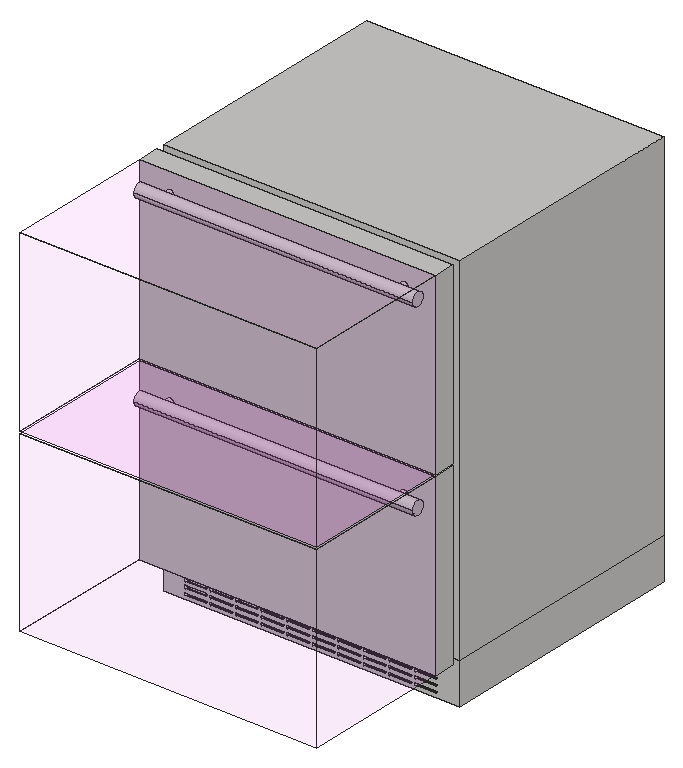
Revit family "QF_Summit_ADFD243_2_Drawer_All_Freezer", category Specialty Equipment, Revit 2020
Family settings
  Round Connector Dimension = Use Diameter
  Part Type = Normal
  Work Plane-Based = No
  Always vertical = Yes
  Cut with Voids When Loaded = No
  Shared = No
  Room Calculation Point = No
Parameters
  Weight in Pounds = 106
  Watts = Volts * FL Amps  # 172.5 W
  Volts = 115 V
  URL Cutsheet = ""
  Specification by User = ""
  Specification by Manufacturer = ""
  Show Clearance [instance] = yes
  Show 4" Legs [instance] = no
  Show 3/8" Legs [instance] = not([Show 4" Legs])  # yes
  Serial Number = ""
  Seismic Rating = ""
  SMACNA No = ""
  Revision Code = ""
  Refrigerant Volume = 0.00 kip
  Refrigerant Type = "R600a"
  Phase = 1
  Number of Poles = 1
  NAFEM Spec ID Number = ""
  Model = "ADFD243"
  Min Ckt Ampacity = 0 A
  Max Overcurrent Protection = 0 A
  Masterspec = ""
  Manufacturer = "Summit"
  Length = 23 3/8"
  Item Number = ""
  Installed By = ""
  Identify Quantity as Lot = yes
  Height [instance] = Body Height + Base Height  # 31 7/8"
  HP = ""
  Furnished By = ""
  Foodservice Equipment Identifier = yes
  FL Amps = 1.5 A
  Electrical Remarks = ""
  Electric Connection Type = ""
  Elec Conn RI Height = 0"
  Elec Conn Connection Height = 0"
  Description = "2 Drawer All Freezer"
  Depth = 22 1/2"
  Default Elevation = 0"
  Cycle = 60 Hz
  Conn Plug = ""
  Conn Conduit = yes
  CSI MasterFormat = ""
  Body Height [instance] = 31 1/2"
  Base Height [instance] = if([Show 4" Legs], 4", 3/8")  # 3/8"
  BTUH = 0.0 Btu/h
  Apparent Power = 0 VA
Reference planes (in)
  plane 1 "BACK": y = 0
  plane 2: z = 0
  plane 3 "LEFT": x = 0
  plane 4 "RIGHT": x = 23.375
  plane 5 "FRONT": y = -20.125
  plane 6 "TOP": z = 31.875
  plane 7 "Center Y": x = 11.6875
  plane 8 "Center X": y = -10.0625
  plane 9: z = 0.375
Dimensions and locks (in)
  equal spacing: plane 3 "LEFT", plane 7 "Center Y", plane 4 "RIGHT"
  "Length": plane 3 "LEFT" to plane 4 "RIGHT"
  equal spacing: plane 5 "FRONT", plane 8 "Center X", plane 1 "BACK"
  plane 5 "FRONT" to plane 1 "BACK" = 20 1/8"
  plane 6 "TOP" to level = 31 7/8"
  nested 1 to plane 1 "BACK" = 34 1/4"
  "Base Height": plane 9 to level
  "Body Height": plane 6 "TOP" to plane 9
  plane 1 "BACK" to nested 1 = 22 1/2"
  aligned and locked: level to plane 2
  aligned and locked: plane 9 to nested 1
  aligned and locked: plane 6 "TOP" to nested 1
Nested families (in)
  nested 1: "ADFD243" at (0, 0, 0), Show Clearance <- "Show Clearance", Show 3/8" Legs <- "Show 3/8" Legs", type "ADFD243"
    with Show Clearance yes, Show 3/8" Legs yes
  nested 2: "4 INCHES LEGS" at (2.25, -4, 0), Show Legs <- "Show 4" Legs", type "4 INCHES LEGS"
    with Type Mark "", Status "", Specification by User "", Show Legs no, Revision Code "", Item Number "", Installed By "", Identify Quantity as Lot yes, Furnished By "", Foodservice Equipment Identifier yes
  nested 3: "4 INCHES LEGS" at (21.125, -4, 0) x (-1, 0, 0) z (0, 0, 1), Show Legs <- "Show 4" Legs", type "4 INCHES LEGS"
    with Type Mark "", Status "", Specification by User "", Show Legs no, Revision Code "", Item Number "", Installed By "", Identify Quantity as Lot yes, Furnished By "", Foodservice Equipment Identifier yes
  nested 4: "4 INCHES LEGS" at (2.25, -16.125, 0), Show Legs <- "Show 4" Legs", type "4 INCHES LEGS"
    with Type Mark "", Status "", Specification by User "", Show Legs no, Revision Code "", Item Number "", Installed By "", Identify Quantity as Lot yes, Furnished By "", Foodservice Equipment Identifier yes
  nested 5: "4 INCHES LEGS" at (21.125, -16.125, 0) x (-1, 0, 0) z (0, 0, 1), Show Legs <- "Show 4" Legs", type "4 INCHES LEGS"
    with Type Mark "", Status "", Specification by User "", Show Legs no, Revision Code "", Item Number "", Installed By "", Identify Quantity as Lot yes, Furnished By "", Foodservice Equipment Identifier yes
Connectors (in)
  electrical at (18.5771, 0.03125, 5), driven by "Volts", driven by "Watts"
    settings: on nested 1, index 1, voltage 115 V, apparent load 172.5 VA, apparent load phase1 0 VA, apparent load phase2 0 VA, apparent load phase3 0 VA, power factor 1, load classification "Other", number of poles 1, system type 30, power factor state 1, is connector primary yes, connector utility no, sub classification motor no, connector description "ELECTRICAL CONNECTION"
Definition of nested family "ADFD243"
  Parameters (values of type "ADFD243")
    Weight in Pounds = 0
    URL Cutsheet = ""
    Specification by User = ""
    Specification by Manufacturer = ""
    Show Clearance [instance] = yes
    Show 3/8" Legs [instance] = yes
    Serial Number = ""
    Seismic Rating = ""
    SMACNA No = ""
    Revision Code = ""
    NAFEM Spec ID Number = ""
    Masterspec = ""
    Length = 23 3/8"
    Item Number = ""
    Installed By = ""
    Identify Quantity as Lot = yes
    Height = 31 7/8"
    Furnished By = ""
    Foodservice Equipment Identifier = yes
    Depth = 20 1/8"
    Default Elevation = 0"
    CSI MasterFormat = ""
  Reference planes (in)
    plane 1 "BACK": y = 0
    plane 2: z = 0
    plane 3 "LEFT": x = 0
    plane 4 "RIGHT": x = 23.375
    plane 5 "FRONT": y = -20.125
    plane 6 "TOP": z = 31.875
    plane 7 "Center Y": x = 11.6875
    plane 8 "Center X": y = -10.0625
    plane 9: y = -22.5
    plane 10: y = -20.75
    plane 11: y = -23.875
    plane 12: y = -34.25
    plane 13: z = 0.375
  Forms (in)
    Extrusion 1, solid
      sketch origin (-3.33837, -180, 0.375) x (-1, 0, 0) y (0, -1, 0)
        loop
          line (-3.33837, -180) -> (-3.33837, -159.875) -> (-26.71337, -159.875) -> (-26.71337, -180) -> (-3.33837, -180)
      from 0 to 3.25
    Extrusion 2, solid
      sketch origin (-3.33837, -180, 3.625) x (-1, 0, 0) y (0, -1, 0)
        loop
          line (-3.33837, -180) -> (-3.33837, -159.875) -> (-26.71337, -159.875) -> (-26.71337, -180) -> (-3.33837, -180)
      from 0 to 28.25
    Extrusion 3, solid
      sketch origin (-3.33837, -180, 31.875) x (-1, 0, 0) y (0, -1, 0)
        loop
          line (-3.33837, -159.25) -> (-3.33837, -157.5) -> (-26.71337, -157.5) -> (-26.71337, -159.25) -> (-3.33837, -159.25)
      from 0 to -14.0625
    Extrusion 4, solid
      sketch origin (23.375, -22.5, 31.875) x (-1, 0, 0) y (0, 0, -1)
        loop
          line (23.375, 14.1875) -> (23.375, 28.25) -> (0, 28.25) -> (0, 14.1875) -> (23.375, 14.1875)
      from 0 to -1.75
    Extrusion 5, solid
      sketch origin (23.375, -22.5, 3.625) x (0, 1, 0) y (1, 0, 0)
        loop
          line (2.375, -22.6875) -> (2.375, -0.6875) -> (1.75, -0.6875) -> (1.75, -22.6875) -> (2.375, -22.6875)
      from -0.51891 to -27.70575
    Extrusion 6, solid
      sketch origin (23.375, -22.5, 31.875) x (-1, 0, 0) y (0, 0, -1)
        loop
          circle (20.9375, 1.50017) r 0.25
        loop
          circle (2.4375, 1.50017) r 0.25
        loop
          circle (20.9375, 16.25017) r 0.25
        loop
          circle (2.4375, 16.25017) r 0.25
      from 0 to 0.76273
    Extrusion 7, solid
      sketch origin (0, 0, 0) x (0, 1, 0) y (0, 0, 1)
        loop
          circle (-23.375, 30.37483) r 0.5
      from 0.6875 to 22.6875
    Extrusion 8, solid
      sketch origin (0, 0, -14.75) x (0, 1, 0) y (0, 0, 1)
        loop
          circle (-23.375, 30.37483) r 0.5
      from 0.6875 to 22.6875
    Extrusion 9, void
      sketch origin (23.375, -20.125, 0.375) x (1, 0, 0) y (0, 0, -1)
        loop
          line (-21.58085, -3.00037) -> (-19.97147, -3.00037)
          arc (-19.97147, -3.00037) -> (-19.84647, -2.87537) -> (-19.97147, -2.75037) r 0.125
          line (-19.97147, -2.75037) -> (-21.58085, -2.75037)
          arc (-21.58085, -2.75037) -> (-21.70585, -2.87537) -> (-21.58085, -3.00037) r 0.125
      from 0 to 0.16099
    Extrusion 10, void
      sketch origin (41.55232, -20.125, 0.375) x (1, 0, 0) y (0, 0, -1)
        loop
          line (-21.58085, -3.00037) -> (-19.97147, -3.00037)
          arc (-19.97147, -3.00037) -> (-19.84647, -2.87537) -> (-19.97147, -2.75037) r 0.125
          line (-19.97147, -2.75037) -> (-21.58085, -2.75037)
          arc (-21.58085, -2.75037) -> (-21.70585, -2.87537) -> (-21.58085, -3.00037) r 0.125
      from 0 to 0.16099
    Extrusion 11, void
      sketch origin (25.3947, -20.125, 0.375) x (1, 0, 0) y (0, 0, -1)
        loop
          line (-21.58085, -3.00037) -> (-19.97147, -3.00037)
          arc (-19.97147, -3.00037) -> (-19.84647, -2.87537) -> (-19.97147, -2.75037) r 0.125
          line (-19.97147, -2.75037) -> (-21.58085, -2.75037)
          arc (-21.58085, -2.75037) -> (-21.70585, -2.87537) -> (-21.58085, -3.00037) r 0.125
      from 0 to 0.16099
    Extrusion 12, void
      sketch origin (27.4144, -20.125, 0.375) x (1, 0, 0) y (0, 0, -1)
        loop
          line (-21.58085, -3.00037) -> (-19.97147, -3.00037)
          arc (-19.97147, -3.00037) -> (-19.84647, -2.87537) -> (-19.97147, -2.75037) r 0.125
          line (-19.97147, -2.75037) -> (-21.58085, -2.75037)
          arc (-21.58085, -2.75037) -> (-21.70585, -2.87537) -> (-21.58085, -3.00037) r 0.125
      from 0 to 0.16099
    Extrusion 13, void
      sketch origin (29.43411, -20.125, 0.375) x (1, 0, 0) y (0, 0, -1)
        loop
          line (-21.58085, -3.00037) -> (-19.97147, -3.00037)
          arc (-19.97147, -3.00037) -> (-19.84647, -2.87537) -> (-19.97147, -2.75037) r 0.125
          line (-19.97147, -2.75037) -> (-21.58085, -2.75037)
          arc (-21.58085, -2.75037) -> (-21.70585, -2.87537) -> (-21.58085, -3.00037) r 0.125
      from 0 to 0.16099
    Extrusion 14, void
      sketch origin (31.45381, -20.125, 0.375) x (1, 0, 0) y (0, 0, -1)
        loop
          line (-21.58085, -3.00037) -> (-19.97147, -3.00037)
          arc (-19.97147, -3.00037) -> (-19.84647, -2.87537) -> (-19.97147, -2.75037) r 0.125
          line (-19.97147, -2.75037) -> (-21.58085, -2.75037)
          arc (-21.58085, -2.75037) -> (-21.70585, -2.87537) -> (-21.58085, -3.00037) r 0.125
      from 0 to 0.16099
    Extrusion 15, void
      sketch origin (33.47351, -20.125, 0.375) x (1, 0, 0) y (0, 0, -1)
        loop
          line (-21.58085, -3.00037) -> (-19.97147, -3.00037)
          arc (-19.97147, -3.00037) -> (-19.84647, -2.87537) -> (-19.97147, -2.75037) r 0.125
          line (-19.97147, -2.75037) -> (-21.58085, -2.75037)
          arc (-21.58085, -2.75037) -> (-21.70585, -2.87537) -> (-21.58085, -3.00037) r 0.125
      from 0 to 0.16099
    Extrusion 16, void
      sketch origin (35.49321, -20.125, 0.375) x (1, 0, 0) y (0, 0, -1)
        loop
          line (-21.58085, -3.00037) -> (-19.97147, -3.00037)
          arc (-19.97147, -3.00037) -> (-19.84647, -2.87537) -> (-19.97147, -2.75037) r 0.125
          line (-19.97147, -2.75037) -> (-21.58085, -2.75037)
          arc (-21.58085, -2.75037) -> (-21.70585, -2.87537) -> (-21.58085, -3.00037) r 0.125
      from 0 to 0.16099
    Extrusion 17, void
      sketch origin (37.51292, -20.125, 0.375) x (1, 0, 0) y (0, 0, -1)
        loop
          line (-21.58085, -3.00037) -> (-19.97147, -3.00037)
          arc (-19.97147, -3.00037) -> (-19.84647, -2.87537) -> (-19.97147, -2.75037) r 0.125
          line (-19.97147, -2.75037) -> (-21.58085, -2.75037)
          arc (-21.58085, -2.75037) -> (-21.70585, -2.87537) -> (-21.58085, -3.00037) r 0.125
      from 0 to 0.16099
    Extrusion 18, void
      sketch origin (39.53262, -20.125, 0.375) x (1, 0, 0) y (0, 0, -1)
        loop
          line (-21.58085, -3.00037) -> (-19.97147, -3.00037)
          arc (-19.97147, -3.00037) -> (-19.84647, -2.87537) -> (-19.97147, -2.75037) r 0.125
          line (-19.97147, -2.75037) -> (-21.58085, -2.75037)
          arc (-21.58085, -2.75037) -> (-21.70585, -2.87537) -> (-21.58085, -3.00037) r 0.125
      from 0 to 0.16099
    Extrusion 19, void
      sketch origin (23.375, -20.125, -0.125) x (1, 0, 0) y (0, 0, -1)
        loop
          line (-21.58085, -3.00037) -> (-19.97147, -3.00037)
          arc (-19.97147, -3.00037) -> (-19.84647, -2.87537) -> (-19.97147, -2.75037) r 0.125
          line (-19.97147, -2.75037) -> (-21.58085, -2.75037)
          arc (-21.58085, -2.75037) -> (-21.70585, -2.87537) -> (-21.58085, -3.00037) r 0.125
      from 0 to 0.16099
    Extrusion 20, void
      sketch origin (23.375, -20.125, -0.625) x (1, 0, 0) y (0, 0, -1)
        loop
          line (-21.58085, -3.00037) -> (-19.97147, -3.00037)
          arc (-19.97147, -3.00037) -> (-19.84647, -2.87537) -> (-19.97147, -2.75037) r 0.125
          line (-19.97147, -2.75037) -> (-21.58085, -2.75037)
          arc (-21.58085, -2.75037) -> (-21.70585, -2.87537) -> (-21.58085, -3.00037) r 0.125
      from 0 to 0.16099
    Extrusion 21, void
      sketch origin (23.375, -20.125, -1.125) x (1, 0, 0) y (0, 0, -1)
        loop
          line (-21.58085, -3.00037) -> (-19.97147, -3.00037)
          arc (-19.97147, -3.00037) -> (-19.84647, -2.87537) -> (-19.97147, -2.75037) r 0.125
          line (-19.97147, -2.75037) -> (-21.58085, -2.75037)
          arc (-21.58085, -2.75037) -> (-21.70585, -2.87537) -> (-21.58085, -3.00037) r 0.125
      from 0 to 0.16099
    Extrusion 22, void
      sketch origin (23.375, -20.125, -1.625) x (1, 0, 0) y (0, 0, -1)
        loop
          line (-21.58085, -3.00037) -> (-19.97147, -3.00037)
          arc (-19.97147, -3.00037) -> (-19.84647, -2.87537) -> (-19.97147, -2.75037) r 0.125
          line (-19.97147, -2.75037) -> (-21.58085, -2.75037)
          arc (-21.58085, -2.75037) -> (-21.70585, -2.87537) -> (-21.58085, -3.00037) r 0.125
      from 0 to 0.16099
    Extrusion 23, void
      sketch origin (23.375, -20.125, -2.125) x (1, 0, 0) y (0, 0, -1)
        loop
          line (-21.58085, -3.00037) -> (-19.97147, -3.00037)
          arc (-19.97147, -3.00037) -> (-19.84647, -2.87537) -> (-19.97147, -2.75037) r 0.125
          line (-19.97147, -2.75037) -> (-21.58085, -2.75037)
          arc (-21.58085, -2.75037) -> (-21.70585, -2.87537) -> (-21.58085, -3.00037) r 0.125
      from 0 to 0.16099
    Extrusion 24, void
      sketch origin (41.55232, -20.125, -0.125) x (1, 0, 0) y (0, 0, -1)
        loop
          line (-21.58085, -3.00037) -> (-19.97147, -3.00037)
          arc (-19.97147, -3.00037) -> (-19.84647, -2.87537) -> (-19.97147, -2.75037) r 0.125
          line (-19.97147, -2.75037) -> (-21.58085, -2.75037)
          arc (-21.58085, -2.75037) -> (-21.70585, -2.87537) -> (-21.58085, -3.00037) r 0.125
      from 0 to 0.16099
    Extrusion 25, void
      sketch origin (41.55232, -20.125, -0.625) x (1, 0, 0) y (0, 0, -1)
        loop
          line (-21.58085, -3.00037) -> (-19.97147, -3.00037)
          arc (-19.97147, -3.00037) -> (-19.84647, -2.87537) -> (-19.97147, -2.75037) r 0.125
          line (-19.97147, -2.75037) -> (-21.58085, -2.75037)
          arc (-21.58085, -2.75037) -> (-21.70585, -2.87537) -> (-21.58085, -3.00037) r 0.125
      from 0 to 0.16099
    Extrusion 26, void
      sketch origin (41.55232, -20.125, -1.125) x (1, 0, 0) y (0, 0, -1)
        loop
          line (-21.58085, -3.00037) -> (-19.97147, -3.00037)
          arc (-19.97147, -3.00037) -> (-19.84647, -2.87537) -> (-19.97147, -2.75037) r 0.125
          line (-19.97147, -2.75037) -> (-21.58085, -2.75037)
          arc (-21.58085, -2.75037) -> (-21.70585, -2.87537) -> (-21.58085, -3.00037) r 0.125
      from 0 to 0.16099
    Extrusion 27, void
      sketch origin (41.55232, -20.125, -1.625) x (1, 0, 0) y (0, 0, -1)
        loop
          line (-21.58085, -3.00037) -> (-19.97147, -3.00037)
          arc (-19.97147, -3.00037) -> (-19.84647, -2.87537) -> (-19.97147, -2.75037) r 0.125
          line (-19.97147, -2.75037) -> (-21.58085, -2.75037)
          arc (-21.58085, -2.75037) -> (-21.70585, -2.87537) -> (-21.58085, -3.00037) r 0.125
      from 0 to 0.16099
    Extrusion 28, void
      sketch origin (41.55232, -20.125, -2.125) x (1, 0, 0) y (0, 0, -1)
        loop
          line (-21.58085, -3.00037) -> (-19.97147, -3.00037)
          arc (-19.97147, -3.00037) -> (-19.84647, -2.87537) -> (-19.97147, -2.75037) r 0.125
          line (-19.97147, -2.75037) -> (-21.58085, -2.75037)
          arc (-21.58085, -2.75037) -> (-21.70585, -2.87537) -> (-21.58085, -3.00037) r 0.125
      from 0 to 0.16099
    Extrusion 29, void
      sketch origin (25.3947, -20.125, -0.125) x (1, 0, 0) y (0, 0, -1)
        loop
          line (-21.58085, -3.00037) -> (-19.97147, -3.00037)
          arc (-19.97147, -3.00037) -> (-19.84647, -2.87537) -> (-19.97147, -2.75037) r 0.125
          line (-19.97147, -2.75037) -> (-21.58085, -2.75037)
          arc (-21.58085, -2.75037) -> (-21.70585, -2.87537) -> (-21.58085, -3.00037) r 0.125
      from 0 to 0.16099
    Extrusion 30, void
      sketch origin (25.3947, -20.125, -0.625) x (1, 0, 0) y (0, 0, -1)
        loop
          line (-21.58085, -3.00037) -> (-19.97147, -3.00037)
          arc (-19.97147, -3.00037) -> (-19.84647, -2.87537) -> (-19.97147, -2.75037) r 0.125
          line (-19.97147, -2.75037) -> (-21.58085, -2.75037)
          arc (-21.58085, -2.75037) -> (-21.70585, -2.87537) -> (-21.58085, -3.00037) r 0.125
      from 0 to 0.16099
    Extrusion 31, void
      sketch origin (25.3947, -20.125, -1.125) x (1, 0, 0) y (0, 0, -1)
        loop
          line (-21.58085, -3.00037) -> (-19.97147, -3.00037)
          arc (-19.97147, -3.00037) -> (-19.84647, -2.87537) -> (-19.97147, -2.75037) r 0.125
          line (-19.97147, -2.75037) -> (-21.58085, -2.75037)
          arc (-21.58085, -2.75037) -> (-21.70585, -2.87537) -> (-21.58085, -3.00037) r 0.125
      from 0 to 0.16099
    Extrusion 32, void
      sketch origin (25.3947, -20.125, -1.625) x (1, 0, 0) y (0, 0, -1)
        loop
          line (-21.58085, -3.00037) -> (-19.97147, -3.00037)
          arc (-19.97147, -3.00037) -> (-19.84647, -2.87537) -> (-19.97147, -2.75037) r 0.125
          line (-19.97147, -2.75037) -> (-21.58085, -2.75037)
          arc (-21.58085, -2.75037) -> (-21.70585, -2.87537) -> (-21.58085, -3.00037) r 0.125
      from 0 to 0.16099
    Extrusion 33, void
      sketch origin (25.3947, -20.125, -2.125) x (1, 0, 0) y (0, 0, -1)
        loop
          line (-21.58085, -3.00037) -> (-19.97147, -3.00037)
          arc (-19.97147, -3.00037) -> (-19.84647, -2.87537) -> (-19.97147, -2.75037) r 0.125
          line (-19.97147, -2.75037) -> (-21.58085, -2.75037)
          arc (-21.58085, -2.75037) -> (-21.70585, -2.87537) -> (-21.58085, -3.00037) r 0.125
      from 0 to 0.16099
    Extrusion 34, void
      sketch origin (27.4144, -20.125, -0.125) x (1, 0, 0) y (0, 0, -1)
        loop
          line (-21.58085, -3.00037) -> (-19.97147, -3.00037)
          arc (-19.97147, -3.00037) -> (-19.84647, -2.87537) -> (-19.97147, -2.75037) r 0.125
          line (-19.97147, -2.75037) -> (-21.58085, -2.75037)
          arc (-21.58085, -2.75037) -> (-21.70585, -2.87537) -> (-21.58085, -3.00037) r 0.125
      from 0 to 0.16099
    Extrusion 35, void
      sketch origin (27.4144, -20.125, -0.625) x (1, 0, 0) y (0, 0, -1)
        loop
          line (-21.58085, -3.00037) -> (-19.97147, -3.00037)
          arc (-19.97147, -3.00037) -> (-19.84647, -2.87537) -> (-19.97147, -2.75037) r 0.125
          line (-19.97147, -2.75037) -> (-21.58085, -2.75037)
          arc (-21.58085, -2.75037) -> (-21.70585, -2.87537) -> (-21.58085, -3.00037) r 0.125
      from 0 to 0.16099
    Extrusion 36, void
      sketch origin (27.4144, -20.125, -1.125) x (1, 0, 0) y (0, 0, -1)
        loop
          line (-21.58085, -3.00037) -> (-19.97147, -3.00037)
          arc (-19.97147, -3.00037) -> (-19.84647, -2.87537) -> (-19.97147, -2.75037) r 0.125
          line (-19.97147, -2.75037) -> (-21.58085, -2.75037)
          arc (-21.58085, -2.75037) -> (-21.70585, -2.87537) -> (-21.58085, -3.00037) r 0.125
      from 0 to 0.16099
    Extrusion 37, void
      sketch origin (27.4144, -20.125, -1.625) x (1, 0, 0) y (0, 0, -1)
        loop
          line (-21.58085, -3.00037) -> (-19.97147, -3.00037)
          arc (-19.97147, -3.00037) -> (-19.84647, -2.87537) -> (-19.97147, -2.75037) r 0.125
          line (-19.97147, -2.75037) -> (-21.58085, -2.75037)
          arc (-21.58085, -2.75037) -> (-21.70585, -2.87537) -> (-21.58085, -3.00037) r 0.125
      from 0 to 0.16099
    Extrusion 38, void
      sketch origin (27.4144, -20.125, -2.125) x (1, 0, 0) y (0, 0, -1)
        loop
          line (-21.58085, -3.00037) -> (-19.97147, -3.00037)
          arc (-19.97147, -3.00037) -> (-19.84647, -2.87537) -> (-19.97147, -2.75037) r 0.125
          line (-19.97147, -2.75037) -> (-21.58085, -2.75037)
          arc (-21.58085, -2.75037) -> (-21.70585, -2.87537) -> (-21.58085, -3.00037) r 0.125
      from 0 to 0.16099
    Extrusion 39, void
      sketch origin (29.43411, -20.125, -0.125) x (1, 0, 0) y (0, 0, -1)
        loop
          line (-21.58085, -3.00037) -> (-19.97147, -3.00037)
          arc (-19.97147, -3.00037) -> (-19.84647, -2.87537) -> (-19.97147, -2.75037) r 0.125
          line (-19.97147, -2.75037) -> (-21.58085, -2.75037)
          arc (-21.58085, -2.75037) -> (-21.70585, -2.87537) -> (-21.58085, -3.00037) r 0.125
      from 0 to 0.16099
    Extrusion 40, void
      sketch origin (29.43411, -20.125, -0.625) x (1, 0, 0) y (0, 0, -1)
        loop
          line (-21.58085, -3.00037) -> (-19.97147, -3.00037)
          arc (-19.97147, -3.00037) -> (-19.84647, -2.87537) -> (-19.97147, -2.75037) r 0.125
          line (-19.97147, -2.75037) -> (-21.58085, -2.75037)
          arc (-21.58085, -2.75037) -> (-21.70585, -2.87537) -> (-21.58085, -3.00037) r 0.125
      from 0 to 0.16099
    Extrusion 41, void
      sketch origin (29.43411, -20.125, -1.125) x (1, 0, 0) y (0, 0, -1)
        loop
          line (-21.58085, -3.00037) -> (-19.97147, -3.00037)
          arc (-19.97147, -3.00037) -> (-19.84647, -2.87537) -> (-19.97147, -2.75037) r 0.125
          line (-19.97147, -2.75037) -> (-21.58085, -2.75037)
          arc (-21.58085, -2.75037) -> (-21.70585, -2.87537) -> (-21.58085, -3.00037) r 0.125
      from 0 to 0.16099
    Extrusion 42, void
      sketch origin (29.43411, -20.125, -1.625) x (1, 0, 0) y (0, 0, -1)
        loop
          line (-21.58085, -3.00037) -> (-19.97147, -3.00037)
          arc (-19.97147, -3.00037) -> (-19.84647, -2.87537) -> (-19.97147, -2.75037) r 0.125
          line (-19.97147, -2.75037) -> (-21.58085, -2.75037)
          arc (-21.58085, -2.75037) -> (-21.70585, -2.87537) -> (-21.58085, -3.00037) r 0.125
      from 0 to 0.16099
    Extrusion 43, void
      sketch origin (29.43411, -20.125, -2.125) x (1, 0, 0) y (0, 0, -1)
        loop
          line (-21.58085, -3.00037) -> (-19.97147, -3.00037)
          arc (-19.97147, -3.00037) -> (-19.84647, -2.87537) -> (-19.97147, -2.75037) r 0.125
          line (-19.97147, -2.75037) -> (-21.58085, -2.75037)
          arc (-21.58085, -2.75037) -> (-21.70585, -2.87537) -> (-21.58085, -3.00037) r 0.125
      from 0 to 0.16099
    Extrusion 44, void
      sketch origin (31.45381, -20.125, -0.125) x (1, 0, 0) y (0, 0, -1)
        loop
          line (-21.58085, -3.00037) -> (-19.97147, -3.00037)
          arc (-19.97147, -3.00037) -> (-19.84647, -2.87537) -> (-19.97147, -2.75037) r 0.125
          line (-19.97147, -2.75037) -> (-21.58085, -2.75037)
          arc (-21.58085, -2.75037) -> (-21.70585, -2.87537) -> (-21.58085, -3.00037) r 0.125
      from 0 to 0.16099
    Extrusion 45, void
      sketch origin (31.45381, -20.125, -0.625) x (1, 0, 0) y (0, 0, -1)
        loop
          line (-21.58085, -3.00037) -> (-19.97147, -3.00037)
          arc (-19.97147, -3.00037) -> (-19.84647, -2.87537) -> (-19.97147, -2.75037) r 0.125
          line (-19.97147, -2.75037) -> (-21.58085, -2.75037)
          arc (-21.58085, -2.75037) -> (-21.70585, -2.87537) -> (-21.58085, -3.00037) r 0.125
      from 0 to 0.16099
    Extrusion 46, void
      sketch origin (31.45381, -20.125, -1.125) x (1, 0, 0) y (0, 0, -1)
        loop
          line (-21.58085, -3.00037) -> (-19.97147, -3.00037)
          arc (-19.97147, -3.00037) -> (-19.84647, -2.87537) -> (-19.97147, -2.75037) r 0.125
          line (-19.97147, -2.75037) -> (-21.58085, -2.75037)
          arc (-21.58085, -2.75037) -> (-21.70585, -2.87537) -> (-21.58085, -3.00037) r 0.125
      from 0 to 0.16099
    Extrusion 47, void
      sketch origin (31.45381, -20.125, -1.625) x (1, 0, 0) y (0, 0, -1)
        loop
          line (-21.58085, -3.00037) -> (-19.97147, -3.00037)
          arc (-19.97147, -3.00037) -> (-19.84647, -2.87537) -> (-19.97147, -2.75037) r 0.125
          line (-19.97147, -2.75037) -> (-21.58085, -2.75037)
          arc (-21.58085, -2.75037) -> (-21.70585, -2.87537) -> (-21.58085, -3.00037) r 0.125
      from 0 to 0.16099
    Extrusion 48, void
      sketch origin (31.45381, -20.125, -2.125) x (1, 0, 0) y (0, 0, -1)
        loop
          line (-21.58085, -3.00037) -> (-19.97147, -3.00037)
          arc (-19.97147, -3.00037) -> (-19.84647, -2.87537) -> (-19.97147, -2.75037) r 0.125
          line (-19.97147, -2.75037) -> (-21.58085, -2.75037)
          arc (-21.58085, -2.75037) -> (-21.70585, -2.87537) -> (-21.58085, -3.00037) r 0.125
      from 0 to 0.16099
    Extrusion 49, void
      sketch origin (33.47351, -20.125, -0.125) x (1, 0, 0) y (0, 0, -1)
        loop
          line (-21.58085, -3.00037) -> (-19.97147, -3.00037)
          arc (-19.97147, -3.00037) -> (-19.84647, -2.87537) -> (-19.97147, -2.75037) r 0.125
          line (-19.97147, -2.75037) -> (-21.58085, -2.75037)
          arc (-21.58085, -2.75037) -> (-21.70585, -2.87537) -> (-21.58085, -3.00037) r 0.125
      from 0 to 0.16099
    Extrusion 50, void
      sketch origin (33.47351, -20.125, -0.625) x (1, 0, 0) y (0, 0, -1)
        loop
          line (-21.58085, -3.00037) -> (-19.97147, -3.00037)
          arc (-19.97147, -3.00037) -> (-19.84647, -2.87537) -> (-19.97147, -2.75037) r 0.125
          line (-19.97147, -2.75037) -> (-21.58085, -2.75037)
          arc (-21.58085, -2.75037) -> (-21.70585, -2.87537) -> (-21.58085, -3.00037) r 0.125
      from 0 to 0.16099
    Extrusion 51, void
      sketch origin (33.47351, -20.125, -1.125) x (1, 0, 0) y (0, 0, -1)
        loop
          line (-21.58085, -3.00037) -> (-19.97147, -3.00037)
          arc (-19.97147, -3.00037) -> (-19.84647, -2.87537) -> (-19.97147, -2.75037) r 0.125
          line (-19.97147, -2.75037) -> (-21.58085, -2.75037)
          arc (-21.58085, -2.75037) -> (-21.70585, -2.87537) -> (-21.58085, -3.00037) r 0.125
      from 0 to 0.16099
    Extrusion 52, void
      sketch origin (33.47351, -20.125, -1.625) x (1, 0, 0) y (0, 0, -1)
        loop
          line (-21.58085, -3.00037) -> (-19.97147, -3.00037)
          arc (-19.97147, -3.00037) -> (-19.84647, -2.87537) -> (-19.97147, -2.75037) r 0.125
          line (-19.97147, -2.75037) -> (-21.58085, -2.75037)
          arc (-21.58085, -2.75037) -> (-21.70585, -2.87537) -> (-21.58085, -3.00037) r 0.125
      from 0 to 0.16099
    Extrusion 53, void
      sketch origin (33.47351, -20.125, -2.125) x (1, 0, 0) y (0, 0, -1)
        loop
          line (-21.58085, -3.00037) -> (-19.97147, -3.00037)
          arc (-19.97147, -3.00037) -> (-19.84647, -2.87537) -> (-19.97147, -2.75037) r 0.125
          line (-19.97147, -2.75037) -> (-21.58085, -2.75037)
          arc (-21.58085, -2.75037) -> (-21.70585, -2.87537) -> (-21.58085, -3.00037) r 0.125
      from 0 to 0.16099
    Extrusion 54, void
      sketch origin (35.49321, -20.125, -0.125) x (1, 0, 0) y (0, 0, -1)
        loop
          line (-21.58085, -3.00037) -> (-19.97147, -3.00037)
          arc (-19.97147, -3.00037) -> (-19.84647, -2.87537) -> (-19.97147, -2.75037) r 0.125
          line (-19.97147, -2.75037) -> (-21.58085, -2.75037)
          arc (-21.58085, -2.75037) -> (-21.70585, -2.87537) -> (-21.58085, -3.00037) r 0.125
      from 0 to 0.16099
    Extrusion 55, void
      sketch origin (35.49321, -20.125, -0.625) x (1, 0, 0) y (0, 0, -1)
        loop
          line (-21.58085, -3.00037) -> (-19.97147, -3.00037)
          arc (-19.97147, -3.00037) -> (-19.84647, -2.87537) -> (-19.97147, -2.75037) r 0.125
          line (-19.97147, -2.75037) -> (-21.58085, -2.75037)
          arc (-21.58085, -2.75037) -> (-21.70585, -2.87537) -> (-21.58085, -3.00037) r 0.125
      from 0 to 0.16099
    Extrusion 56, void
      sketch origin (35.49321, -20.125, -1.125) x (1, 0, 0) y (0, 0, -1)
        loop
          line (-21.58085, -3.00037) -> (-19.97147, -3.00037)
          arc (-19.97147, -3.00037) -> (-19.84647, -2.87537) -> (-19.97147, -2.75037) r 0.125
          line (-19.97147, -2.75037) -> (-21.58085, -2.75037)
          arc (-21.58085, -2.75037) -> (-21.70585, -2.87537) -> (-21.58085, -3.00037) r 0.125
      from 0 to 0.16099
    Extrusion 57, void
      sketch origin (35.49321, -20.125, -1.625) x (1, 0, 0) y (0, 0, -1)
        loop
          line (-21.58085, -3.00037) -> (-19.97147, -3.00037)
          arc (-19.97147, -3.00037) -> (-19.84647, -2.87537) -> (-19.97147, -2.75037) r 0.125
          line (-19.97147, -2.75037) -> (-21.58085, -2.75037)
          arc (-21.58085, -2.75037) -> (-21.70585, -2.87537) -> (-21.58085, -3.00037) r 0.125
      from 0 to 0.16099
    Extrusion 58, void
      sketch origin (35.49321, -20.125, -2.125) x (1, 0, 0) y (0, 0, -1)
        loop
          line (-21.58085, -3.00037) -> (-19.97147, -3.00037)
          arc (-19.97147, -3.00037) -> (-19.84647, -2.87537) -> (-19.97147, -2.75037) r 0.125
          line (-19.97147, -2.75037) -> (-21.58085, -2.75037)
          arc (-21.58085, -2.75037) -> (-21.70585, -2.87537) -> (-21.58085, -3.00037) r 0.125
      from 0 to 0.16099
    Extrusion 59, void
      sketch origin (37.51292, -20.125, -0.125) x (1, 0, 0) y (0, 0, -1)
        loop
          line (-21.58085, -3.00037) -> (-19.97147, -3.00037)
          arc (-19.97147, -3.00037) -> (-19.84647, -2.87537) -> (-19.97147, -2.75037) r 0.125
          line (-19.97147, -2.75037) -> (-21.58085, -2.75037)
          arc (-21.58085, -2.75037) -> (-21.70585, -2.87537) -> (-21.58085, -3.00037) r 0.125
      from 0 to 0.16099
    Extrusion 60, void
      sketch origin (37.51292, -20.125, -0.625) x (1, 0, 0) y (0, 0, -1)
        loop
          line (-21.58085, -3.00037) -> (-19.97147, -3.00037)
          arc (-19.97147, -3.00037) -> (-19.84647, -2.87537) -> (-19.97147, -2.75037) r 0.125
          line (-19.97147, -2.75037) -> (-21.58085, -2.75037)
          arc (-21.58085, -2.75037) -> (-21.70585, -2.87537) -> (-21.58085, -3.00037) r 0.125
      from 0 to 0.16099
    Extrusion 61, void
      sketch origin (37.51292, -20.125, -1.125) x (1, 0, 0) y (0, 0, -1)
        loop
          line (-21.58085, -3.00037) -> (-19.97147, -3.00037)
          arc (-19.97147, -3.00037) -> (-19.84647, -2.87537) -> (-19.97147, -2.75037) r 0.125
          line (-19.97147, -2.75037) -> (-21.58085, -2.75037)
          arc (-21.58085, -2.75037) -> (-21.70585, -2.87537) -> (-21.58085, -3.00037) r 0.125
      from 0 to 0.16099
    Extrusion 62, void
      sketch origin (37.51292, -20.125, -1.625) x (1, 0, 0) y (0, 0, -1)
        loop
          line (-21.58085, -3.00037) -> (-19.97147, -3.00037)
          arc (-19.97147, -3.00037) -> (-19.84647, -2.87537) -> (-19.97147, -2.75037) r 0.125
          line (-19.97147, -2.75037) -> (-21.58085, -2.75037)
          arc (-21.58085, -2.75037) -> (-21.70585, -2.87537) -> (-21.58085, -3.00037) r 0.125
      from 0 to 0.16099
    Extrusion 63, void
      sketch origin (37.51292, -20.125, -2.125) x (1, 0, 0) y (0, 0, -1)
        loop
          line (-21.58085, -3.00037) -> (-19.97147, -3.00037)
          arc (-19.97147, -3.00037) -> (-19.84647, -2.87537) -> (-19.97147, -2.75037) r 0.125
          line (-19.97147, -2.75037) -> (-21.58085, -2.75037)
          arc (-21.58085, -2.75037) -> (-21.70585, -2.87537) -> (-21.58085, -3.00037) r 0.125
      from 0 to 0.16099
    Extrusion 64, void
      sketch origin (39.53262, -20.125, -0.125) x (1, 0, 0) y (0, 0, -1)
        loop
          line (-21.58085, -3.00037) -> (-19.97147, -3.00037)
          arc (-19.97147, -3.00037) -> (-19.84647, -2.87537) -> (-19.97147, -2.75037) r 0.125
          line (-19.97147, -2.75037) -> (-21.58085, -2.75037)
          arc (-21.58085, -2.75037) -> (-21.70585, -2.87537) -> (-21.58085, -3.00037) r 0.125
      from 0 to 0.16099
    Extrusion 65, void
      sketch origin (39.53262, -20.125, -0.625) x (1, 0, 0) y (0, 0, -1)
        loop
          line (-21.58085, -3.00037) -> (-19.97147, -3.00037)
          arc (-19.97147, -3.00037) -> (-19.84647, -2.87537) -> (-19.97147, -2.75037) r 0.125
          line (-19.97147, -2.75037) -> (-21.58085, -2.75037)
          arc (-21.58085, -2.75037) -> (-21.70585, -2.87537) -> (-21.58085, -3.00037) r 0.125
      from 0 to 0.16099
    Extrusion 66, void
      sketch origin (39.53262, -20.125, -1.125) x (1, 0, 0) y (0, 0, -1)
        loop
          line (-21.58085, -3.00037) -> (-19.97147, -3.00037)
          arc (-19.97147, -3.00037) -> (-19.84647, -2.87537) -> (-19.97147, -2.75037) r 0.125
          line (-19.97147, -2.75037) -> (-21.58085, -2.75037)
          arc (-21.58085, -2.75037) -> (-21.70585, -2.87537) -> (-21.58085, -3.00037) r 0.125
      from 0 to 0.16099
    Extrusion 67, void
      sketch origin (39.53262, -20.125, -1.625) x (1, 0, 0) y (0, 0, -1)
        loop
          line (-21.58085, -3.00037) -> (-19.97147, -3.00037)
          arc (-19.97147, -3.00037) -> (-19.84647, -2.87537) -> (-19.97147, -2.75037) r 0.125
          line (-19.97147, -2.75037) -> (-21.58085, -2.75037)
          arc (-21.58085, -2.75037) -> (-21.70585, -2.87537) -> (-21.58085, -3.00037) r 0.125
      from 0 to 0.16099
    Extrusion 68, void
      sketch origin (39.53262, -20.125, -2.125) x (1, 0, 0) y (0, 0, -1)
        loop
          line (-21.58085, -3.00037) -> (-19.97147, -3.00037)
          arc (-19.97147, -3.00037) -> (-19.84647, -2.87537) -> (-19.97147, -2.75037) r 0.125
          line (-19.97147, -2.75037) -> (-21.58085, -2.75037)
          arc (-21.58085, -2.75037) -> (-21.70585, -2.87537) -> (-21.58085, -3.00037) r 0.125
      from 0 to 0.16099
    Revolve 69, solid, visible <- "Show 3/8" Legs"
      sketch origin (0, -16.125, 0.375) x (0, 0, 1) y (1, 0, 0)
        loop
          line (0, 2.25) -> (0, 3.25) -> (-0.375, 3.25) -> (-0.375, 2.25) -> (0, 2.25)
        axis (-0.375, 2.25) -> (0, 2.25)
      angle from 0 to 360
    Revolve 70, solid, visible <- "Show 3/8" Legs"
      sketch origin (0, -16.125, 0.375) x (0, 0, 1) y (1, 0, 0)
        loop
          line (0, 21.125) -> (-0.375, 21.125) -> (-0.375, 20.125) -> (0, 20.125) -> (0, 21.125)
        axis (-0.375, 21.125) -> (0, 21.125)
      angle from 0 to 360
    Revolve 71, solid, visible <- "Show 3/8" Legs"
      sketch origin (0, -4, 0.375) x (0, 0, 1) y (-1, 0, 0)
        loop
          line (0, -2.25) -> (-0.375, -2.25) -> (-0.375, -3.25) -> (0, -3.25) -> (0, -2.25)
        axis (-0.375, -2.25) -> (0, -2.25)
      angle from 0 to 360
    Revolve 72, solid, visible <- "Show 3/8" Legs"
      sketch origin (0, -4, 0.375) x (0, 0, 1) y (-1, 0, 0)
        loop
          line (0, -21.125) -> (0, -20.125) -> (-0.375, -20.125) -> (-0.375, -21.125) -> (0, -21.125)
        axis (-0.375, -21.125) -> (0, -21.125)
      angle from 0 to 360
    Extrusion 73, solid
      sketch origin (0, 0, 3.625) x (1, 0, 0) y (0, 0, -1)
        loop
          circle (18.5771, -1.375) r 0.25
      from 0 to 0.03125
    Extrusion 74, solid, visible <- "Show Clearance"
      sketch origin (23.375, -22.5, 3.625) x (0, 1, 0) y (1, 0, 0)
        loop
          line (0, -23.375) -> (0, 0) -> (-11.75, 0) -> (-11.75, -23.375) -> (0, -23.375)
      from 0 to -14.0625
    Extrusion 75, solid, visible <- "Show Clearance"
      sketch origin (-3.33837, -180, 17.8125) x (0, -1, 0) y (-1, 0, 0)
        loop
          line (-157.5, -3.33837) -> (-157.5, -26.71337) -> (-145.75, -26.71337) -> (-145.75, -3.33837) -> (-157.5, -3.33837)
      from 0 to -14.0625
  Cuts and joins
    joined: Extrusion 6, Extrusion 7, Extrusion 8
    Extrusion 9, Extrusion 10, Extrusion 11, Extrusion 12, Extrusion 13, Extrusion 14, Extrusion 15, Extrusion 16, Extrusion 17, Extrusion 18, Extrusion 19, Extrusion 20, Extrusion 21, Extrusion 22, Extrusion 23, Extrusion 24, Extrusion 25, Extrusion 26, Extrusion 27, Extrusion 28, Extrusion 29, Extrusion 30, Extrusion 31, Extrusion 32, Extrusion 33, Extrusion 34, Extrusion 35, Extrusion 36, Extrusion 37, Extrusion 38, Extrusion 39, Extrusion 40, Extrusion 41, Extrusion 42, Extrusion 43, Extrusion 44, Extrusion 45, Extrusion 46, Extrusion 47, Extrusion 48, Extrusion 49, Extrusion 50, Extrusion 51, Extrusion 52, Extrusion 53, Extrusion 54, Extrusion 55, Extrusion 56, Extrusion 57, Extrusion 58, Extrusion 59, Extrusion 60, Extrusion 61, Extrusion 62, Extrusion 63, Extrusion 64, Extrusion 65, Extrusion 66, Extrusion 67, Extrusion 68 cuts Extrusion 1
    joined: Extrusion 2, Extrusion 73
  Lines and regions (in)
    symbolic lines, visible <- "Show Clearance"
      curve 1: line (0, -22.5, 0) -> (0, -34.25, 0)
      curve 2: line (0, -34.25, 0) -> (23.375, -34.25, 0)
      curve 3: line (23.375, -34.25, 0) -> (23.375, -22.5, 0)
    symbolic lines
      curve 4: line (0.6875, -22.875, 0) -> (0.6875, -23.875, 0)
      curve 5: line (22.6875, -23.875, 0) -> (22.6875, -22.875, 0)
      curve 6: line (0.6875, -23.875, 0) -> (22.6875, -23.875, 0)
      curve 7: line (20.6875, -22.875, 0) -> (21.1875, -22.875, 0)
      curve 8: line (2.1875, -22.875, 0) -> (2.6875, -22.875, 0)
      curve 9: line (0.6875, -22.875, 0) -> (2.1875, -22.875, 0)
      curve 10: line (2.6875, -22.875, 0) -> (20.6875, -22.875, 0)
      curve 11: line (21.1875, -22.875, 0) -> (22.6875, -22.875, 0)
      curve 12: line (21.1875, -22.875, 0) -> (21.1875, -22.5, 0)
      curve 13: line (20.6875, -22.875, 0) -> (20.6875, -22.5, 0)
      curve 14: line (2.6875, -22.875, 0) -> (2.6875, -22.5, 0)
      curve 15: line (2.1875, -22.875, 0) -> (2.1875, -22.5, 0)
      curve 16: line (23.375, -20.75, 0) -> (0, -20.75, 0)
      curve 17: line (23.375, -22.5, 0) -> (0, -22.5, 0)
      curve 18: line (0, -20.75, 0) -> (0, -22.5, 0)
      curve 19: line (23.375, -22.5, 0) -> (23.375, -20.75, 0)
      curve 20: line (22.6875, -20.75, 0) -> (22.6875, -20.125, 0)
      curve 21: line (0.6875, -20.125, 0) -> (0.6875, -20.75, 0)
      curve 22: line (0, 0, 0) -> (0, -20.125, 0)
      curve 23: line (0, -20.125, 0) -> (23.375, -20.125, 0)
      curve 24: line (23.375, -20.125, 0) -> (23.375, 0, 0)
      curve 25: line (23.375, 0, 0) -> (0, 0, 0)
  Dimensions and locks (in)
    equal spacing: plane 3 "LEFT", plane 7 "Center Y", plane 4 "RIGHT"
    "Length": plane 3 "LEFT" to plane 4 "RIGHT"
    equal spacing: plane 5 "FRONT", plane 8 "Center X", plane 1 "BACK"
    "Depth": plane 5 "FRONT" to plane 1 "BACK"
    "Height": plane 6 "TOP" to level
    plane 1 "BACK" to plane 9 = 22 1/2"
    plane 9 to plane 11 = 1 3/8"  (x2)
    plane 10 to plane 9 = 1 3/4"
    plane 1 "BACK" to plane 12 = 34 1/4"
    plane 6 "TOP" to plane 13 = 31 1/2"
    Extrusion 4 to Extrusion 2 = 14 1/16"
    Extrusion 3 to Extrusion 3 = 14 1/16"
    equal spacing: group 1, group 3, group 4, group 5, group 6, group 7, group 8, group 9, group 10, group 2  (x3)
    aligned and locked: level to plane 2
  Automatic sketch dimensions
    Extrusion 9 sketch curve to Extrusion 9 sketch curve = 1 39/64"
    Extrusion 9 sketch curve to Extrusion 9 sketch curve = 1/8"
    Extrusion 10 sketch curve to Extrusion 10 sketch curve = 1 39/64"
    Extrusion 10 sketch curve to Extrusion 10 sketch curve = 1/8"
    Extrusion 11 sketch curve to Extrusion 11 sketch curve = 1 39/64"
    Extrusion 11 sketch curve to Extrusion 11 sketch curve = 1/8"
    Extrusion 12 sketch curve to Extrusion 12 sketch curve = 1 39/64"
    Extrusion 12 sketch curve to Extrusion 12 sketch curve = 1/8"
    Extrusion 13 sketch curve to Extrusion 13 sketch curve = 1 39/64"
    Extrusion 13 sketch curve to Extrusion 13 sketch curve = 1/8"
    Extrusion 14 sketch curve to Extrusion 14 sketch curve = 1 39/64"
    Extrusion 14 sketch curve to Extrusion 14 sketch curve = 1/8"
    Extrusion 15 sketch curve to Extrusion 15 sketch curve = 1 39/64"
    Extrusion 15 sketch curve to Extrusion 15 sketch curve = 1/8"
    Extrusion 16 sketch curve to Extrusion 16 sketch curve = 1 39/64"
    Extrusion 16 sketch curve to Extrusion 16 sketch curve = 1/8"
    Extrusion 17 sketch curve to Extrusion 17 sketch curve = 1 39/64"
    Extrusion 17 sketch curve to Extrusion 17 sketch curve = 1/8"
    Extrusion 18 sketch curve to Extrusion 18 sketch curve = 1 39/64"
    Extrusion 18 sketch curve to Extrusion 18 sketch curve = 1/8"
    Extrusion 19 sketch curve to Extrusion 19 sketch curve = 1 39/64"  (x2)
    Extrusion 19 sketch curve to Extrusion 19 sketch curve = 1/8"  (x2)
    Extrusion 20 sketch curve to Extrusion 20 sketch curve = 1 39/64"  (x2)
    Extrusion 20 sketch curve to Extrusion 20 sketch curve = 1/8"  (x2)
    Extrusion 21 sketch curve to Extrusion 21 sketch curve = 1 39/64"  (x2)
    Extrusion 21 sketch curve to Extrusion 21 sketch curve = 1/8"  (x2)
    Extrusion 22 sketch curve to Extrusion 22 sketch curve = 1 39/64"  (x2)
    Extrusion 22 sketch curve to Extrusion 22 sketch curve = 1/8"  (x2)
    Extrusion 23 sketch curve to Extrusion 23 sketch curve = 1 39/64"  (x2)
    Extrusion 23 sketch curve to Extrusion 23 sketch curve = 1/8"  (x2)
    Extrusion 24 sketch curve to Extrusion 24 sketch curve = 1 39/64"
    Extrusion 24 sketch curve to Extrusion 24 sketch curve = 1/8"
    Extrusion 25 sketch curve to Extrusion 25 sketch curve = 1 39/64"
    Extrusion 25 sketch curve to Extrusion 25 sketch curve = 1/8"
    Extrusion 26 sketch curve to Extrusion 26 sketch curve = 1 39/64"
    Extrusion 26 sketch curve to Extrusion 26 sketch curve = 1/8"
    Extrusion 27 sketch curve to Extrusion 27 sketch curve = 1 39/64"
    Extrusion 27 sketch curve to Extrusion 27 sketch curve = 1/8"
    Extrusion 28 sketch curve to Extrusion 28 sketch curve = 1 39/64"
    Extrusion 28 sketch curve to Extrusion 28 sketch curve = 1/8"
    Extrusion 29 sketch curve to Extrusion 29 sketch curve = 1 39/64"
    Extrusion 29 sketch curve to Extrusion 29 sketch curve = 1/8"
    Extrusion 34 sketch curve to Extrusion 34 sketch curve = 1 39/64"
    Extrusion 34 sketch curve to Extrusion 34 sketch curve = 1/8"
    Extrusion 39 sketch curve to Extrusion 39 sketch curve = 1 39/64"
    Extrusion 39 sketch curve to Extrusion 39 sketch curve = 1/8"
    Extrusion 44 sketch curve to Extrusion 44 sketch curve = 1 39/64"
    Extrusion 44 sketch curve to Extrusion 44 sketch curve = 1/8"
    Extrusion 49 sketch curve to Extrusion 49 sketch curve = 1 39/64"
    Extrusion 49 sketch curve to Extrusion 49 sketch curve = 1/8"
    Extrusion 54 sketch curve to Extrusion 54 sketch curve = 1 39/64"
    Extrusion 54 sketch curve to Extrusion 54 sketch curve = 1/8"
    Extrusion 59 sketch curve to Extrusion 59 sketch curve = 1 39/64"
    Extrusion 59 sketch curve to Extrusion 59 sketch curve = 1/8"
    Extrusion 64 sketch curve to Extrusion 64 sketch curve = 1 39/64"
    Extrusion 64 sketch curve to Extrusion 64 sketch curve = 1/8"
    Extrusion 30 sketch curve to Extrusion 30 sketch curve = 1 39/64"
    Extrusion 30 sketch curve to Extrusion 30 sketch curve = 1/8"
    Extrusion 31 sketch curve to Extrusion 31 sketch curve = 1 39/64"
    Extrusion 31 sketch curve to Extrusion 31 sketch curve = 1/8"
    Extrusion 32 sketch curve to Extrusion 32 sketch curve = 1 39/64"
    Extrusion 32 sketch curve to Extrusion 32 sketch curve = 1/8"
    Extrusion 33 sketch curve to Extrusion 33 sketch curve = 1 39/64"
    Extrusion 33 sketch curve to Extrusion 33 sketch curve = 1/8"
    Extrusion 35 sketch curve to Extrusion 35 sketch curve = 1 39/64"
    Extrusion 35 sketch curve to Extrusion 35 sketch curve = 1/8"
    Extrusion 36 sketch curve to Extrusion 36 sketch curve = 1 39/64"
    Extrusion 36 sketch curve to Extrusion 36 sketch curve = 1/8"
    Extrusion 37 sketch curve to Extrusion 37 sketch curve = 1 39/64"
    Extrusion 37 sketch curve to Extrusion 37 sketch curve = 1/8"
    Extrusion 38 sketch curve to Extrusion 38 sketch curve = 1 39/64"
    Extrusion 38 sketch curve to Extrusion 38 sketch curve = 1/8"
    Extrusion 40 sketch curve to Extrusion 40 sketch curve = 1 39/64"
    Extrusion 40 sketch curve to Extrusion 40 sketch curve = 1/8"
    Extrusion 41 sketch curve to Extrusion 41 sketch curve = 1 39/64"
    Extrusion 41 sketch curve to Extrusion 41 sketch curve = 1/8"
    Extrusion 42 sketch curve to Extrusion 42 sketch curve = 1 39/64"
    Extrusion 42 sketch curve to Extrusion 42 sketch curve = 1/8"
    Extrusion 43 sketch curve to Extrusion 43 sketch curve = 1 39/64"
    Extrusion 43 sketch curve to Extrusion 43 sketch curve = 1/8"
    Extrusion 45 sketch curve to Extrusion 45 sketch curve = 1 39/64"
    Extrusion 45 sketch curve to Extrusion 45 sketch curve = 1/8"
    Extrusion 46 sketch curve to Extrusion 46 sketch curve = 1 39/64"
    Extrusion 46 sketch curve to Extrusion 46 sketch curve = 1/8"
    Extrusion 47 sketch curve to Extrusion 47 sketch curve = 1 39/64"
    Extrusion 47 sketch curve to Extrusion 47 sketch curve = 1/8"
    Extrusion 48 sketch curve to Extrusion 48 sketch curve = 1 39/64"
    Extrusion 48 sketch curve to Extrusion 48 sketch curve = 1/8"
    Extrusion 50 sketch curve to Extrusion 50 sketch curve = 1 39/64"
    Extrusion 50 sketch curve to Extrusion 50 sketch curve = 1/8"
    Extrusion 51 sketch curve to Extrusion 51 sketch curve = 1 39/64"
    Extrusion 51 sketch curve to Extrusion 51 sketch curve = 1/8"
    Extrusion 52 sketch curve to Extrusion 52 sketch curve = 1 39/64"
    Extrusion 52 sketch curve to Extrusion 52 sketch curve = 1/8"
    Extrusion 53 sketch curve to Extrusion 53 sketch curve = 1 39/64"
    Extrusion 53 sketch curve to Extrusion 53 sketch curve = 1/8"
    Extrusion 55 sketch curve to Extrusion 55 sketch curve = 1 39/64"
    Extrusion 55 sketch curve to Extrusion 55 sketch curve = 1/8"
    Extrusion 56 sketch curve to Extrusion 56 sketch curve = 1 39/64"
    Extrusion 56 sketch curve to Extrusion 56 sketch curve = 1/8"
    Extrusion 57 sketch curve to Extrusion 57 sketch curve = 1 39/64"
    Extrusion 57 sketch curve to Extrusion 57 sketch curve = 1/8"
    Extrusion 58 sketch curve to Extrusion 58 sketch curve = 1 39/64"
    Extrusion 58 sketch curve to Extrusion 58 sketch curve = 1/8"
    Extrusion 60 sketch curve to Extrusion 60 sketch curve = 1 39/64"
    Extrusion 60 sketch curve to Extrusion 60 sketch curve = 1/8"
    Extrusion 61 sketch curve to Extrusion 61 sketch curve = 1 39/64"
    Extrusion 61 sketch curve to Extrusion 61 sketch curve = 1/8"
    Extrusion 62 sketch curve to Extrusion 62 sketch curve = 1 39/64"
    Extrusion 62 sketch curve to Extrusion 62 sketch curve = 1/8"
    Extrusion 63 sketch curve to Extrusion 63 sketch curve = 1 39/64"
    Extrusion 63 sketch curve to Extrusion 63 sketch curve = 1/8"
    Extrusion 65 sketch curve to Extrusion 65 sketch curve = 1 39/64"
    Extrusion 65 sketch curve to Extrusion 65 sketch curve = 1/8"
    Extrusion 66 sketch curve to Extrusion 66 sketch curve = 1 39/64"
    Extrusion 66 sketch curve to Extrusion 66 sketch curve = 1/8"
    Extrusion 67 sketch curve to Extrusion 67 sketch curve = 1 39/64"
    Extrusion 67 sketch curve to Extrusion 67 sketch curve = 1/8"
    Extrusion 68 sketch curve to Extrusion 68 sketch curve = 1 39/64"
    Extrusion 68 sketch curve to Extrusion 68 sketch curve = 1/8"
    plane 1 "BACK" to Extrusion 1 sketch curve = 0"
    Extrusion 1 sketch curve to plane 4 "RIGHT" = 0"
    Extrusion 1 sketch curve to plane 3 "LEFT" = 0"
    plane 5 "FRONT" to Extrusion 1 sketch curve = 0"
    Extrusion 2 sketch curve to Extrusion 1 = 0"  (x4)
    Extrusion 3 sketch curve to Extrusion 2 = 0"  (x2)
    Extrusion 2 to Extrusion 3 sketch curve = 5/8"
    Extrusion 3 sketch curve to Extrusion 3 sketch curve = 1 3/4"
    Extrusion 3 to Extrusion 4 sketch curve = 0"  (x2)
    Extrusion 4 sketch curve to Extrusion 3 = 1/8"
    Extrusion 4 sketch curve to Extrusion 4 sketch curve = 14 1/16"
    Extrusion 5 sketch curve to Extrusion 4 = 0"
    Extrusion 4 to Extrusion 5 sketch curve = 5/8"
    Extrusion 4 to Extrusion 5 sketch curve = 11/16"
    Extrusion 5 sketch curve to Extrusion 4 = 11/16"
    Extrusion 6 sketch curve to Extrusion 3 = 2 7/16"  (x2)
    Extrusion 3 to Extrusion 6 sketch curve = 2 7/16"  (x2)
    Extrusion 3 to Extrusion 6 sketch curve = 1.50017"  (x2)
    Extrusion 6 sketch curve to Extrusion 3 = 2.18767"  (x2)
    plane 11 to Extrusion 7 sketch curve = 1/2"
    Extrusion 7 sketch curve to plane 6 "TOP" = 1.50017"
    plane 11 to Extrusion 8 sketch curve = 1/2"
    plane 13 to Extrusion 8 sketch curve = 15.24983"
    Revolve 69 sketch curve to level = 0"  (x2)
    Revolve 69 sketch curve to plane 13 = 0"
    plane 3 "LEFT" to Revolve 69 sketch curve = 2 1/4"
    Revolve 69 sketch curve to Revolve 69 sketch curve = 1"
    Revolve 69 sketch curve to Revolve 69 sketch curve = 3/16"
    Revolve 69 sketch curve to Revolve 69 sketch curve = 0"
    Revolve 70 sketch curve to level = 0"  (x2)
    Revolve 70 sketch curve to plane 13 = 0"
    plane 4 "RIGHT" to Revolve 70 sketch curve = 3 1/4"
    Revolve 70 sketch curve to Revolve 70 sketch curve = 1"
    Revolve 70 sketch curve to Revolve 70 sketch curve = 3/16"
    Revolve 70 sketch curve to Revolve 70 sketch curve = 0"
    Revolve 71 sketch curve to level = 0"  (x2)
    Revolve 71 sketch curve to plane 13 = 0"
    plane 3 "LEFT" to Revolve 71 sketch curve = 3 1/4"
    Revolve 71 sketch curve to Revolve 71 sketch curve = 1"
    Revolve 71 sketch curve to Revolve 71 sketch curve = 3/16"
    Revolve 71 sketch curve to Revolve 71 sketch curve = 0"
    Revolve 72 sketch curve to level = 0"  (x2)
    Revolve 72 sketch curve to plane 13 = 0"
    plane 4 "RIGHT" to Revolve 72 sketch curve = 2 1/4"
    Revolve 72 sketch curve to Revolve 72 sketch curve = 1"
    Revolve 72 sketch curve to Revolve 72 sketch curve = 3/16"
    Revolve 72 sketch curve to Revolve 72 sketch curve = 0"
    Extrusion 2 to Extrusion 73 sketch curve = 1 3/8"
    Extrusion 73 sketch curve to Extrusion 2 = 4.7979"
    Extrusion 74 sketch curve to Extrusion 4 = 0"  (x3)
    Extrusion 4 to Extrusion 74 sketch curve = 11 3/4"
    Extrusion 75 sketch curve to Extrusion 3 = 0"  (x3)
    Extrusion 75 sketch curve to Extrusion 3 = 11 3/4"
    curve 4 to plane 11 = 0"
    curve 2 to plane 4 "RIGHT" = 0"
    curve 1 to plane 12 = 0"
    curve 3 to plane 9 = 0"
    plane 3 "LEFT" to curve 4 = 11/16"
    curve 8 to plane 9 = 3/8"
    curve 4 to curve 8 = 1 1/2"
    curve 8 to curve 8 = 1/2"
    plane 4 "RIGHT" to curve 13 = 2 11/16"
    curve 7 to curve 7 = 1/2"
    plane 4 "RIGHT" to curve 6 = 11/16"
    curve 16 to plane 3 "LEFT" = 0"
    curve 16 to plane 10 = 0"
    plane 5 "FRONT" to curve 20 = 0"
    plane 4 "RIGHT" to curve 20 = 11/16"
    plane 3 "LEFT" to curve 21 = 11/16"
    curve 23 to plane 3 "LEFT" = 0"
    curve 23 to plane 4 "RIGHT" = 0"
    plane 1 "BACK" to curve 22 = 0"
    radius of Extrusion 6 sketch curve = 1/4"  (x4)
    radius of Extrusion 7 sketch curve = 1/2"
    radius of Extrusion 8 sketch curve = 1/2"
    radius of Extrusion 73 sketch curve = 1/4"
Definition of nested family "4 INCHES LEGS"
  Parameters (values of type "4 INCHES LEGS")
    Weight = ""
    URL Manufacturer = ""
    URL Cutsheet = ""
    URL = ""
    Type Mark [instance] = ""
    Status [instance] = ""
    Specification by User [instance] = ""
    Specification by Manufacturer = ""
    Show Legs [instance] = yes
    Serial Number = ""
    Seismic Rating = ""
    SMACNA No = ""
    Revision Code [instance] = ""
    Omniclass Number and Title = ""
    NAFEM Spec ID Number = ""
    Model = ""
    MasterSpec. = ""
    Manufacturer = ""
    Item Number [instance] = ""
    Installed By [instance] = ""
    Identify Quantity as Lot [instance] = yes
    Furnished By [instance] = ""
    Foodservice Equipment Identifier [instance] = yes
    Description = ""
    Default Elevation = 0"
    CSI MasterFormat = ""
    CSI Master Format = ""
    Assembly Code = ""
  Reference planes (in)
    plane 1: z = 0
    plane 2 "RIGHT": x = 0
    plane 3 "FRONT": y = 0
    plane 4 "TOP": z = 4
  Forms (in)
    Revolve 1, solid, visible <- "Show Legs"
      sketch origin (11.12172, 0, 0) x (-1, 0, 0) y (0, 0, -1)
        loop
          line (11.12172, -4) -> (11.12172, 0) -> (10.62172, 0) -> (10.62172, -1.30261) -> (10.37172, -1.30261) -> (10.37172, -4) -> (11.12172, -4)
        axis (11.12172, 0) -> (11.12172, -4)
      angle from 0 to 360
  Dimensions and locks (in)
    plane 4 "TOP" to level = 4"  (x2)
    locked: Revolve 1 sketch curve to Revolve 1 sketch curve at 1.30261
    locked: Revolve 1 sketch curve to Revolve 1 sketch curve at 0.75
    aligned and locked: level to plane 1
